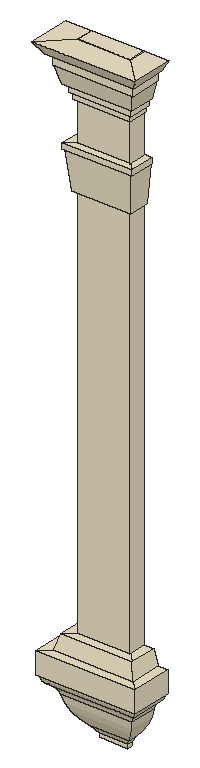
Revit family "GEN_A3-Pilaster-227", category Columns, Revit 2016
Family settings
  Cut with Voids When Loaded = No
  Automatically joins geometry to walls = Yes
  Shared = No
  Show family pre-cut in plan views = Yes
Parameters (values of type "24" Pier")
  Assembly Code = "C3010300"
  Depth = 0' - 8"
  Finish = Stone - Granite
  Offset Bottom Lv = 0' - 0"
  Offset Top Lv = 0' - 0"
  Width = 2' - 0"
Types (3): name | Assembly Code | Depth | Offset Bottom Lv | Offset Top Lv | Width
  24" Pier | "C3010300" | 0' - 8" | 0' - 0" | 0' - 0" | 2' - 0"
  24" w/Offset | "C3010300" | 0' - 8" | 4' - 0" | 1' - 0" | 2' - 0"
  600mm Pier | 0' - 0" | 0' - 7 7/8" | 0' - 0" | 0' - 0" | 1' - 11 5/8"
Reference planes (in)
  plane 1: y = 0
  plane 2: z = 0
  plane 3: x = 0.46525
  plane 4: z = 288
  plane 5: x = -11.53475
  plane 6: x = 12.46525
  plane 7: z = 43.39202
  plane 8: y = -8
  plane 9: z = 0
Forms (in)
  Extrusion 1, solid, material "Stone - Granite" <- "Finish"
    sketch origin (0, 0, 0) x (1, 0, 0) y (0, 1, 0)
      loop
        line (12.46525, 0) -> (-11.53475, 0) -> (-11.53475, -8) -> (12.46525, -8) -> (12.46525, 0)
    from 43.39202 to 288
  Sweep 2, solid, material "Stone - Granite" <- "Finish"
    path origin (-0.27272, 0, 0) x (1, 0, 0) y (0, 1, 0)
      loop
        line (-11.53475, 0) -> (-11.53475, -8) -> (12.46525, -8) -> (12.46525, 0)
    profile origin (0.19252, 0, 0) x (0, 1, 0) y (0, 0, 1)
      loop
        line (-8, 288) -> (-19.75, 288) -> (-16.40519, 282.56736) -> (-14.36191, 282.56736) -> (-14.36191, 277.78717) -> (-14.03767, 277.78717) -> (-11.90998, 269.79442) -> (-10.19363, 269.79442) -> (-10.19363, 266.23484) -> (-9.13113, 266.23484) -> (-9.13113, 263.29419) -> (-8, 263.29419) -> (-8, 288)
      loop
        line (-9.45524, 225.64694) -> (-8.03498, 225.64694) -> (-8.03498, 245.39694) -> (-11.90998, 245.39694) -> (-11.90998, 243.04187) -> (-11.13573, 243.04187) -> (-9.45524, 225.64694)
  Sweep 3, solid, material "Stone - Granite" <- "Finish"
    path origin (0, 0, -5.77744) x (1, 0, 0) y (0, 1, 0)
      loop
        line (-11.53475, 0) -> (-11.53475, -8) -> (12.46525, -8) -> (12.46525, 0)
    profile origin (0.46525, 0, -5.77744) x (0, 1, 0) y (0, 0, 1)
      loop
        line (-12.52497, 49.16947) -> (-14.25989, 42.64623) -> (-18.88489, 42.64623) -> (-18.88489, 32.89623) -> (-17.88872, 32.89623)
        arc (-17.88872, 32.89623) -> (-17.36356, 30.73475) -> (-15.88192, 29.07567) r 4.57958
        arc (-15.88192, 29.07567) -> (-13.72649, 27.02864) -> (-12.34062, 24.39888) r 9.15393
        arc (-12.34062, 24.39888) -> (-9.68391, 16.94761) -> (-4.69886, 10.80523) r 23.42906
        line (-4.69886, 10.80523) -> (-2.46226, 7.45338) -> (-2.46226, 5.77744) -> (-1.5, 5.77744) -> (-1.5, 11.24816) -> (-9.5, 23.23727) -> (-9.5, 46.23727) -> (-6.5, 46.23727) -> (-6.5, 49.16947) -> (-12.52497, 49.16947)
Lines and regions (in)
  model lines, style "InvisibleLines"
    curve 1: line (0.46525, 0, 288) -> (0.46525, 0, 288)
    curve 2: line (0.46525, 0, 0) -> (0.46525, 0, 0)
Dimensions and locks (in)
  equal spacing: plane 5, plane 3, plane 6
  "Width": plane 5 to plane 6
  "Depth": plane 8 to plane 1
  "Offset Top Lv": plane 4 to level
  "Offset Bottom Lv": plane 9 to plane 2
  locked: plane 7 to plane 9 at 43.39202
  aligned and locked: plane 6 to Extrusion 1 sketch curve
  aligned and locked: plane 5 to Extrusion 1 sketch curve
  aligned and locked: Extrusion 1 sketch curve to plane 1
  aligned and locked: plane 7 to Extrusion 1
  aligned and locked: plane 8 to Sweep 2 sketch curve
  aligned and locked: plane 7 to Sweep 3
  aligned and locked: level to plane 2
  aligned and locked: level to Extrusion 1
  aligned and locked: level to Sweep 2 sketch curve
  aligned and locked: plane 9 to Sweep 3
Automatic sketch dimensions
  Extrusion 1 sketch curve to plane 8 = 0' - 0"
  Sweep 2 sketch curve to plane 1 = 0' - 0"  (x2)
  plane 5 to Sweep 2 sketch curve = 0' - 0.27272"
  plane 6 to Sweep 2 sketch curve = 0' - 0.27272"
  profile plane to Sweep 3 sketch curve = 1' - 1.0243"
  profile plane to Sweep 3 sketch curve = 0' - 10.88489"
  Sweep 3 sketch curve to Sweep 3 sketch curve = 0' - 0.99617"
  Sweep 3 sketch curve to Sweep 3 sketch curve = 0' - 2.0068"
  Sweep 3 sketch curve to Sweep 3 sketch curve = 0' - 0"
  Sweep 3 sketch curve to Sweep 3 sketch curve = 0' - 4 5/8"
  Sweep 3 sketch curve to Sweep 3 sketch curve = 0' - 2.57266"
  profile plane to Sweep 3 sketch curve = 0' - 4.52497"
  profile plane to Sweep 3 sketch curve = 0' - 4.34062"
  profile plane to Sweep 3 sketch curve = 0' - 1 1/2"
  Sweep 3 sketch curve to profile plane = 0' - 1 1/2"
  Sweep 3 sketch curve to profile plane = 0' - 3.30114"
  Sweep 3 sketch curve to Sweep 3 sketch curve = 0' - 2.23659"
  Sweep 3 sketch curve to Sweep 3 sketch curve = 0' - 0.96226"
  Sweep 3 sketch curve to profile plane = 1' - 6.73928"
  Sweep 3 sketch curve to Sweep 3 sketch curve = 0' - 1.67594"
  Sweep 3 sketch curve to Sweep 3 sketch curve = 0' - 3.35185"
  Sweep 3 sketch curve to Sweep 3 sketch curve = 0' - 0.44293"
  Sweep 3 sketch curve to Sweep 3 sketch curve = 0' - 10.69745"
  Sweep 3 sketch curve to Sweep 3 sketch curve = 0' - 1.73459"
  Sweep 3 sketch curve to Sweep 3 sketch curve = 0' - 1.16161"
  Sweep 3 sketch curve to Sweep 3 sketch curve = 0' - 9.7819"
  Sweep 3 sketch curve to Sweep 3 sketch curve = 0' - 3.59104"
  Sweep 3 sketch curve to Sweep 3 sketch curve = 0' - 2.9322"
  Sweep 3 sketch curve to plane 1 = 0' - 0"  (x2)
  Sweep 3 sketch curve to plane 5 = 0' - 0"
  Sweep 3 sketch curve to plane 6 = 0' - 0"
  Sweep 3 sketch curve to plane 8 = 0' - 0"
  Sweep 2 sketch curve to profile plane = 0' - 0"
  profile plane to Sweep 2 sketch curve = 0' - 0.03498"
  profile plane to Sweep 2 sketch curve = 0' - 1.13113"
  Sweep 2 sketch curve to Sweep 2 sketch curve = 0' - 1.42026"
  profile plane to Sweep 2 sketch curve = 0' - 2.19363"
  profile plane to Sweep 2 sketch curve = 0' - 3.13573"
  Sweep 2 sketch curve to Sweep 2 sketch curve = 0' - 0.77425"
  Sweep 2 sketch curve to Sweep 2 sketch curve = 0' - 1.71636"
  profile plane to Sweep 2 sketch curve = 0' - 6.03767"
  Sweep 2 sketch curve to Sweep 2 sketch curve = 0' - 0.32425"
  Sweep 2 sketch curve to Sweep 2 sketch curve = 0' - 2.04328"
  Sweep 2 sketch curve to Sweep 2 sketch curve = 0' - 3.34481"
  Sweep 2 sketch curve to Sweep 2 sketch curve = 1' - 5.39492"
  Sweep 2 sketch curve to Sweep 2 sketch curve = 0' - 2.35508"
  Sweep 2 sketch curve to Sweep 2 sketch curve = 1' - 5.89725"
  Sweep 2 sketch curve to Sweep 2 sketch curve = 0' - 2.94065"
  Sweep 2 sketch curve to Sweep 2 sketch curve = 0' - 3.55958"
  Sweep 2 sketch curve to Sweep 2 sketch curve = 0' - 7.99275"
  Sweep 2 sketch curve to Sweep 2 sketch curve = 0' - 4.78018"
  Sweep 2 sketch curve to Sweep 2 sketch curve = 0' - 5.43264"
  curve 1 to plane 1 = 0' - 0"  (x2)
  curve 1 to plane 4 = 0' - 0"
  curve 1 to level = 0' - 0"
  curve 2 to plane 1 = 0' - 0"  (x2)
  curve 2 to plane 9 = 0' - 0"
  curve 2 to level = 0' - 0"
